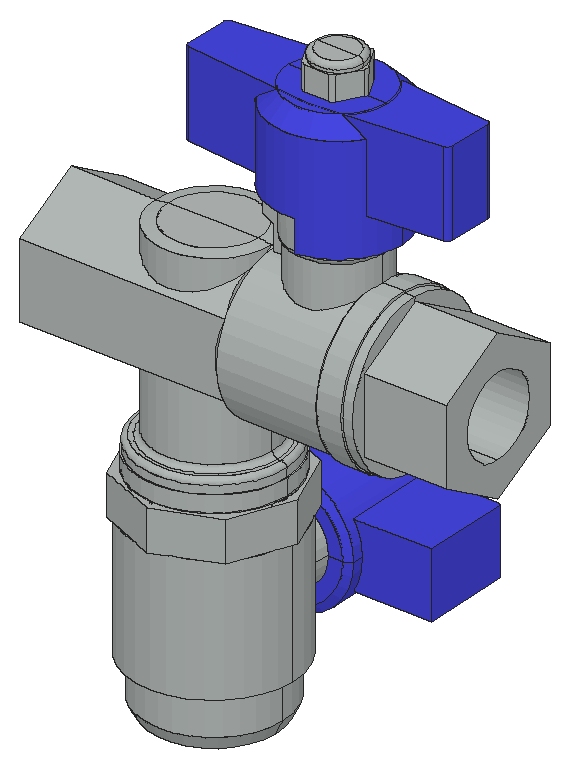
Revit family "QD36970000", category Apparecchi idraulici, Revit 2020
Family settings
  Quota connettore circolare = Usa diametro
  Tipo di parte = Normale
  Numero OmniClass = 23.45.00.00
  Titolo OmniClass = Sanitary, Laundry, and Cleaning Equipment
  Basato su piano di lavoro = No
  Sempre verticale = Sì
  Taglio con vuoti quando caricato = No
  Condiviso = No
  Punto di calcolo locali = No
Parameters
  URL = "https://web.cimberio.it/index.php/figura/1097?subcategoria_id=89"
  Temperatura di esercizio = "-20 ÷ 150°C"
  Prospetto di default = 0 mm
  Produttore = "CIMBERIO SPA"
  Pressione nominale = "PN 32"
  Modello = "Cim 630"
  Materiale = "Prodotto in lega di ottone conforme alla norma EN 12165-CW617N-DW"
  Descrizione = "Utilizzato nei più svariati settori dell'impiantistica: impianti di riscaldamento, condizionamento, idrici, igienico-sanitari, aria compressa, reti di distribuzione oli, benzine, vapore saturo e in generale con ogni fluido non corrosivo"
  DN Model [instance] = QD36971015 : QD36971015
  DN [instance] = 15 mm
  Commenti sul tipo = "Realizzato in ottemperanza ai requisiti gestionali della norma EN ISO 9001.\r\nCollaudato al 100% secondo la normativa EN 12266-1"
Reference planes
  plane 1 "Centro (Fronte/Retro)": y = 0
  plane 2: z = 0
  plane 3 "Centro (Sinistra/Destra)": x = 0
Dimensions and locks
  aligned and locked: level to plane 2
Nested families
  nested 1: "QD36971015" at (0, 0, 0), type <- "DN Model", type "QD36971015"
  nested 2: "QD36971015" at (0, 0, 0), type <- "DN Model", type "QD36971015"
  nested 3: "QD36971015" at (0, 0, 0), type <- "DN Model", type "QD36971015"
  nested 4: "QD36971015" at (0, 0, 0), type <- "DN Model", type "QD36971015"
  nested 5: "QD36971015" at (0, 0, 0), type <- "DN Model", type "QD36971015"
  nested 6: "QD36971015" at (0, 0, 0), type <- "DN Model", type "QD36971015"
Connectors
  piping at (30.3, 0, 0), diameter 15, driven by "DN"
    settings: on nested 1, index 1, connector inside diameter 609.6 mm, connector length 0 mm, flow factor 0, pipe flow 0.0 L/s, pressure drop 0.0 Pa, fitting loss kfactor 0, connector angle 0.00°, fixture units 0, engagement length 0 mm, angle of deflection 0.00°, flow configuration 0, flow direction 0, fitting loss method 0, system type 7, joint type 0, gender type 0, connector reference index -1, connector utility 0, adjustable connector no, is connector primary yes, connector description ""
  piping at (-50.5, 0, 0), diameter 15, driven by "DN"
    settings: on nested 1, index 2, connector inside diameter 609.6 mm, connector length 0 mm, flow factor 0, pipe flow 0.0 L/s, pressure drop 0.0 Pa, fitting loss kfactor 0, connector angle 0.00°, fixture units 0, engagement length 0 mm, angle of deflection 0.00°, flow configuration 0, flow direction 0, fitting loss method 0, system type 7, joint type 0, gender type 0, connector reference index -1, connector utility 0, adjustable connector no, is connector primary no, connector description ""
Definition of nested family "QD36971015"
  Parameters (values of type "QD36971015")
    Default Elevation = 0 mm
  Reference planes
    plane 1 "Centro (Fronte/Retro)": y = 0
    plane 2: z = 0
    plane 3 "Centro (Sinistra/Destra)": x = 0
  Forms (mm)
    Extrusion 1, solid
      sketch origin (0, 0, 0) x (0, 0, -1) y (0, 1, 0)
        loop
          circle (0, 0) r 7.5
        loop
          line (-14, 0) -> (-7, -12.124) -> (7, -12.124) -> (14, 0) -> (7, 12.124) -> (-7, 12.124) -> (-14, 0)
      from -50.5 to -11
    Extrusion 2, solid
      sketch origin (0, 0, 0) x (0, 0, 1) y (0, -1, 0)
        loop
          circle (0, 0) r 7.5
        loop
          line (14.05, 0) -> (7.025, 12.168) -> (-7.025, 12.168) -> (-14.05, 0) -> (-7.025, -12.168) -> (7.025, -12.168) -> (14.05, 0)
      from 14.6 to 30.3
    Revolve 3, solid
      sketch origin (0, 0, 2.5) x (1, 0, 0) y (0, 0, 1)
        loop
          line (0, 43.3) -> (-9.25, 43.3) -> (-12.25, 40.3) -> (-12.25, 20.3) -> (-7.802, 20.3) -> (-7.802, 39.889) -> (0, 39.889) -> (0, 43.3)
        axis (0, 43.3) -> (0, 20.3)
      angle from 0 to 360
    Extrusion 4, void
      sketch origin (0, 0, 0) x (1, 0, 0) y (0, 1, 0)
        loop
          arc (-12.226, -0.772) -> (-7.782, -9.46) -> (1.6, -12.145) r 12.25
          line (1.6, -12.145) -> (1.6, -7.898)
          arc (1.6, -7.898) -> (-2.859, -5.409) -> (-4.999, -0.772) r 8.25
          line (-4.999, -0.772) -> (-12.226, -0.772)
      from 21.96 to 28.8
    Extrusion 5, solid
      sketch origin (-0.001, 0, 0) x (1, -0.000098, 0) y (0.000098, 1, 0)
        loop
          arc (-2.307, 5) -> (-2.809, 4.865) -> (-3.177, 4.498) r 1.004
          line (-3.177, 4.498) -> (-5.487, 0.496)
          arc (-5.487, 0.496) -> (-5.62, 0) -> (-5.487, -0.496) r 0.992
          line (-5.487, -0.496) -> (-3.188, -4.478)
          arc (-3.188, -4.478) -> (-2.806, -4.86) -> (-2.284, -5) r 1.043
          line (-2.284, -5) -> (2.288, -5)
          arc (2.288, -5) -> (2.806, -4.861) -> (3.186, -4.481) r 1.038
          line (3.186, -4.481) -> (5.496, -0.481)
          arc (5.496, -0.481) -> (5.625, 0) -> (5.496, 0.481) r 0.963
          line (5.496, 0.481) -> (3.176, 4.499)
          arc (3.176, 4.499) -> (2.809, 4.866) -> (2.309, 5) r 1.001
          line (2.309, 5) -> (-2.307, 5)
      from 45.8 to 50.3
    Revolve 6, solid
      sketch origin (0, 0, 0) x (1, 0, 0) y (0, 0, 1)
        loop
          line (0, 51.8) -> (0, 49.926) -> (4.75, 49.926) -> (4.75, 50.8)
          arc (4.75, 50.8) -> (4.457, 51.507) -> (3.75, 51.8) r 1
          line (3.75, 51.8) -> (0, 51.8)
        axis (0, 51.8) -> (0, 49.926)
      angle from 0 to 360
    Revolve 7, solid
      sketch origin (0, 0, 0) x (1, 0, 0) y (0, 0, 1)
        loop
          line (0.067, 27.3) -> (-9, 27.3) -> (-8.874, 20.742)
          arc (-8.874, 20.742) -> (-8.731, 20.295) -> (-8.367, 20) r 0.819
          line (-8.367, 20) -> (-8.367, 7.3) -> (0.067, 7.3) -> (0.067, 27.3)
        axis (0.067, 7.3) -> (0.067, 27.3)
      angle from 0 to 360
    Revolve 8, solid
      sketch origin (0, 0, 0) x (1, 0, 0) y (0, 0, 1)
        loop
          line (12.6, -7.5) -> (-13.15, -7.5) -> (-13.15, -12.65) -> (-11.5, -14.3) -> (7.5, -14.3)
          arc (7.5, -14.3) -> (7.635, -14.732) -> (8, -15) r 0.726
          line (8, -15) -> (12.6, -15) -> (12.6, -7.5)
        axis (12.6, 0) -> (-13.15, 0)
      angle from 0 to 360
    Revolve 9, solid
      sketch origin (0, 0, 0) x (1, 0, 0) y (0, 0, 1)
        loop
          line (12.6, 14.75) -> (12.6, 7.5) -> (14.6, 7.5) -> (14.6, 14.75) -> (12.6, 14.75)
        axis (12.6, 0) -> (14.6, 0)
      angle from 0 to 360
    Extrusion 10, solid
      sketch origin (0, 0, 0) x (1, 0, 0) y (0, 0, 1)
        loop
          line (-13, 26.3) -> (-13, 20) -> (-11, 18.845) -> (-11, 12.307) -> (-7.367, 12.307) -> (-7.367, 26.3) -> (-13, 26.3)
      from 0 to 1.5
    Extrusion 11, solid
      sketch origin (0, 0, 0) x (1, 0, 0) y (0, 1, 0)
        loop
          line (-25, 4.095) -> (-25, -4.095)
          arc (-25, -4.095) -> (-24.741, -4.766) -> (-24.099, -5.09) r 1
          line (-24.099, -5.09) -> (0, -7.495) -> (24.099, -5.09)
          arc (24.099, -5.09) -> (24.741, -4.766) -> (25, -4.095) r 1
          line (25, -4.095) -> (25, 4.095)
          arc (25, 4.095) -> (24.741, 4.766) -> (24.099, 5.09) r 1
          line (24.099, 5.09) -> (0, 7.495) -> (-24.099, 5.09)
          arc (-24.099, 5.09) -> (-24.741, 4.766) -> (-25, 4.095) r 1
      from 29.84 to 45.713
    Revolve 12, solid
      sketch origin (0, 0, 0) x (1, 0, 0) y (0, 0, 1)
        loop
          line (-37.5, -24.428) -> (-37.5, -27.428)
          arc (-37.5, -27.428) -> (-37.207, -28.135) -> (-36.5, -28.428) r 1
          line (-36.5, -28.428) -> (-31, -28.428) -> (-31, -24.428) -> (-37.5, -24.428)
        axis (-23.5, -28.428) -> (-23.5, -24.428)
      angle from 0 to 360
    Revolve 13, solid
      sketch origin (0, 0, 0) x (1, 0, 0) y (0, 0, 1)
        loop
          line (-31, -21.928) -> (-36.25, -21.928)
          arc (-36.25, -21.928) -> (-36.957, -22.221) -> (-37.25, -22.928) r 1
          line (-37.25, -22.928) -> (-37.25, -24.428) -> (-31, -24.428) -> (-31, -21.928)
        axis (-23.5, -24.428) -> (-23.5, -21.928)
      angle from 0 to 360
    Revolve 14, solid
      sketch origin (0, 0, 0) x (1, 0, 0) y (0, 0, 1)
        loop
          line (-31, -21.928) -> (-31, 11.872) -> (-23.5, 11.872) -> (-23.5, 14.372) -> (-32, 14.372)
          arc (-32, 14.372) -> (-33.259, 14.247) -> (-34.5, 14) r 13.001
          line (-34.5, 14) -> (-34.5, -20.928)
          arc (-34.5, -20.928) -> (-34.793, -21.635) -> (-35.5, -21.928) r 1
          line (-35.5, -21.928) -> (-31, -21.928)
        axis (-23.5, -21.928) -> (-23.5, 14.372)
      angle from 0 to 360
    Extrusion 15, solid
      sketch origin (-23.5, 0, -24.428) x (0, 1, 0) y (1, 0, 0)
        loop
          circle (0, 0) r 7.5
        loop
          line (15.95, 0) -> (11.278, 11.278) -> (0, 15.95) -> (-11.278, 11.278) -> (-15.95, 0) -> (-11.278, -11.278) -> (0, -15.95) -> (11.278, -11.278) -> (15.95, 0)
      from 3.081 to 10.581
    Revolve 16, solid
      sketch origin (0, 0, 0) x (1, 0, 0) y (0, 0, 1)
        loop
          line (-31.011, -35.008) -> (-38.511, -35.008) -> (-38.511, -58.708) -> (-31.011, -58.708) -> (-31.011, -35.008)
        axis (-23.511, -58.708) -> (-23.511, -35.008)
      angle from 0 to 360
    Revolve 17, solid
      sketch origin (0, 0, 0) x (1, 0, 0) y (0, 0, 1)
        loop
          line (-31.011, -58.708) -> (-36.638, -58.708) -> (-36.638, -66.046) -> (-35.193, -68.708) -> (-31.011, -68.708) -> (-31.011, -58.708)
        axis (-23.511, -58.708) -> (-23.511, -68.708)
      angle from 0 to 360
    Revolve 18, solid
      sketch origin (0, 0, -47.5) x (1, 0, 0) y (0, 1, 0)
        loop
          line (-23.5, 17.45) -> (-31.173, 17.45) -> (-30.732, 4.802) -> (-23.5, 4.802) -> (-23.5, 17.45)
        axis (-23.5, 17.45) -> (-23.5, 4.802)
      angle from 0 to 360
    Revolve 19, solid
      sketch origin (0, 0, -47.707) x (1, 0, 0) y (0, 1, 0)
        loop
          line (-23.5, 37.25) -> (-34.578, 37.25)
          arc (-34.578, 37.25) -> (-34.943, 37.046) -> (-35.08, 36.652) r 0.588
          line (-35.08, 36.652) -> (-35.4, 18.316) -> (-33.9, 17.45) -> (-23.5, 17.45) -> (-23.5, 37.25)
        axis (-23.5, 17.45) -> (-23.5, 37.25)
      angle from 0 to 360
    Extrusion 20, solid
      sketch origin (0, 0, 0) x (1, 0, 0) y (0, 1, 0)
        loop
          line (-23.485, 37.25) -> (-23.485, 20.25) -> (1.5, 20.25) -> (1.212, 36.759)
          arc (1.212, 36.759) -> (0.703, 37.122) -> (0.092, 37.25) r 1.523
          line (0.092, 37.25) -> (-23.485, 37.25)
      from -53.846 to -41.567
  Cuts and joins
    Extrusion 4 cuts Revolve 3
    joined: Revolve 7, Revolve 8
    joined: Extrusion 1, Revolve 14
    joined: Revolve 19, Extrusion 20
  Dimensions and locks
    aligned and locked: level to plane 2
